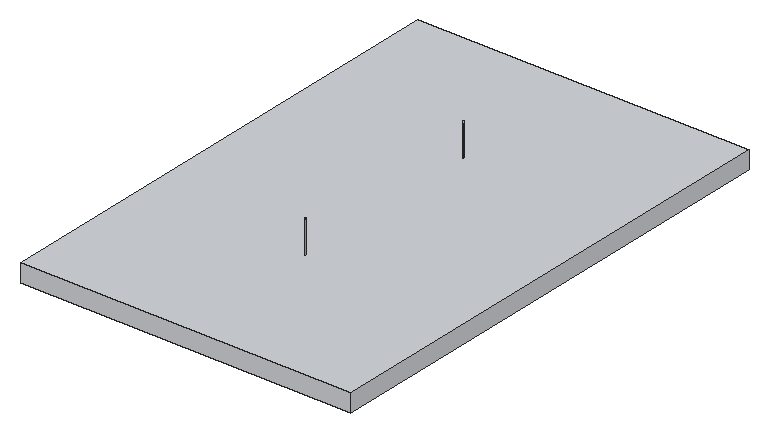
Revit family "V-LENSESxx152xxSWxx", category Leuchten, Revit 2020
Family settings
  Basisbauteil = Fläche
  Bemaßung runder Anschluss = Durchmesser verwenden
  Teiletyp = Normal
  OmniClass-Nummer = 23.80.70.11
  OmniClass-Titel = Luminaries for Internal Lighting
  Beim Laden mit Abzugskörper schneiden = Nein
  Lichtquelle = Ja
  Gemeinsam genutzt = Nein
  Raumberechnungspunkt = Nein
Parameters (values of type "V-LENSES-DI152-7DASW840B0750")
  width = 113 mm  # constant formula
  weight = "4"
  voltage type (AC, DC, UC) = "AC"
  suspension hight [instance] = 200 mm
  rated input power = 47
  product name = "V-LENSES-DI152-7DASW840B0750\r\nV-LENSES-D152-5RFSW840B0650"
  nominal voltage = "230"
  nominal frequency = "50-60Hz"
  length = 1528 mm  # constant formula
  ingress protection (IP) code = "IP20"
  height = 83 mm  # constant formula
  electrical safety class = "1"
  control gear = ""
  conformity mark = "CE"  # constant formula
  brand = "RIDI"
  approval mark = ""
  built-in parameter 1150104 = 13.8 (stored number, unit not read)
  Wattage = 51.9045 W
  Von Breite des Rechtecks ausssenden = 1524 mm  # constant formula
  Von Länge des Rechtecks aussenden = 111 mm  # constant formula
  Default Elevation = 0 mm
  built-in parameter 1150113 = 1 (stored number, unit not read)
  built-in parameter 1114218 = 1 (stored number, unit not read)
  URL = "www.ridi.de"
  built-in parameter 1150134 = 12
  built-in parameter 1150109 = 1 (stored number, unit not read)
  built-in parameter 1150110 = 1 (stored number, unit not read)
  Apparent Load = 47 VA
  Tilt Angle = 90.00°
  Modell = "1532558SW"
  built-in parameter 1114217 = 1 (stored number, unit not read)
  built-in parameter 1150139 = (empty or 0)
  built-in parameter 1150105 = 3026.7 (stored number, unit not read)
  built-in parameter 1150114 = 1 (stored number, unit not read)
  Lumens = 7710 lm
  built-in parameter 1150115 = 1 (stored number, unit not read)
  built-in parameter 1150112 = 1 (stored number, unit not read)
  Lampe = "LED"
  Hersteller = "RIDI Leuchten GmbH"  # constant formula
  Dimming Lamp Color Temperature Shift = (empty or 0)
  Color Filter = 16777215
  built-in parameter 1150133 = 10 (stored number, unit not read)
  Emit Shape Visible in Rendering = no
  built-in parameter 1150137 = (empty or 0)
  built-in parameter 1150132 = 2
  Datei für fotometrisches Netz = "V-LENSES-DI.IES"
  Copyright = "© RIDI. All rights reserved."  # constant formula
  built-in parameter 1150106 = 30.267 (stored number, unit not read)
  Baugruppenkennzeichen = "D5020200"
  built-in parameter 1150107 = 4000 (stored number, unit not read)
  built-in parameter 1150102 = (empty or 0)
  built-in parameter 1150138 = (empty or 0)
Types (9, lengths in mm): name | weight | rated input power | product name | Wattage | built-in parameter 1150134 | Apparent Load | Modell | built-in parameter 1150105 | Lumens | Datei für fotometrisches Netz | built-in parameter 1150106 | built-in parameter 1150107
  (no name) | "4" | 47 | "V-LENSES-DI152-7DASW840B0750\r\nV-LENSES-D152-5RFSW840B0650" | 51.9045 W | 12 | 47 VA | "1532558SW" | 3026.7 (stored number, unit not read) | 7710 lm | "V-LENSES-DI.IES" | 30.267 (stored number, unit not read) | 4000 (stored number, unit not read)
  V-LENSES-D152-5RFSW830B0600 | "3,7" | 38 | "V-LENSES-D152-5RFSW830B0600\r\nV-LENSES-D150-5RFWS840B0550" | 41.739 W | (empty or 0) | 38 VA | "1522569SW" | 493.38 (stored number, unit not read) | 6200 lm | "V-LENSES-D.IES" | 4.9338 (stored number, unit not read) | 3000 (stored number, unit not read)
  V-LENSES-D152-5RFSW840B0650 | "3,7" | 38 | "V-LENSES-D152-5RFSW840B0650\r\nV-LENSES-D152-5RFSW840B0650" | 43.0855 W | 12 | 38 VA | "1522561SW" | 509.3 (stored number, unit not read) | 6400 lm | "V-LENSES-D.IES" | 5.093 (stored number, unit not read) | 4000 (stored number, unit not read)
  V-LENSES-D152-7DASW830B0500 | "3,7" | 33 | "V-LENSES-D152-7DASW830B0500\r\nV-LENSES-D152-5RFSW840B0650" | 35.5455 W | (empty or 0) | 33 VA | "1532565SW" | 420.17 (stored number, unit not read) | 5280 lm | "V-LENSES-D.IES" | 4.2017 (stored number, unit not read) | 3000 (stored number, unit not read)
  V-LENSES-D152-7DASW840B0500 | "3,7" | 33 | "V-LENSES-D152-7DASW840B0500\r\nV-LENSES-D152-5RFSW840B0650" | 37.0266 W | (empty or 0) | 33 VA | "1532557SW" | 437.68 (stored number, unit not read) | 5500 lm | "V-LENSES-D.IES" | 4.3768 (stored number, unit not read) | 3000 (stored number, unit not read)
  V-LENSES-DI152-5RFSW830B0850 | "4" | 56 | "V-LENSES-DI152-5RFSW830B0850\r\nV-LENSES-D152-5RFSW840B0650" | 55.8765 W | (empty or 0) | 56 VA | "1522570SW" | 660.49 (stored number, unit not read) | 8300 lm | "V-LENSES-DI.IES" | 6.6049 (stored number, unit not read) | 3000 (stored number, unit not read)
  V-LENSES-DI152-5RFSW840B0850 | "4" | 56 | "V-LENSES-DI152-5RFSW840B0850\r\nV-LENSES-D152-5RFSW840B0650" | 58.5693 W | 12 | 56 VA | "1522562SW" | 3415.3 (stored number, unit not read) | 8700 lm | "V-LENSES-DI.IES" | 34.153 (stored number, unit not read) | 4000 (stored number, unit not read)
  V-LENSES-DI152-7DASW830B0750 | "4" | 47 | "V-LENSES-DI152-7DASW830B0750\r\nV-LENSES-D152-5RFSW840B0650" | 49.8176 W | (empty or 0) | 47 VA | "1532566SW" | 2905 (stored number, unit not read) | 7400 lm | "V-LENSES-DI.IES" | 29.05 (stored number, unit not read) | 3000 (stored number, unit not read)
  V-LENSES-DI152-7DASW840B0750 | "4" | 47 | "V-LENSES-DI152-7DASW840B0750\r\nV-LENSES-D152-5RFSW840B0650" | 51.9045 W | 12 | 47 VA | "1532558SW" | 3026.7 (stored number, unit not read) | 7710 lm | "V-LENSES-DI.IES" | 30.267 (stored number, unit not read) | 4000 (stored number, unit not read)
Reference planes
  plane 1 "Mitte (Vorne/hinten)": y = 0
  plane 2: z = 0
  plane 3 "Mitte (Links/rechts)": x = 0
  plane 4: z = 200
Forms (mm)
  Extrusion 1, solid
    sketch origin (219.2, 280.8, 0) x (1, 0, 0) y (0, 1, 0)
      loop
        line (-1219.2, 1219.2) -> (-1219.2, -1780.8) -> (780.8, -1780.8) -> (780.8, 1219.2) -> (-1219.2, 1219.2)
    from 0 to -107.307
  Extrusion 2, solid
    sketch origin (0, 0, 0) x (1, 0, 0) y (0, 1, 0)
      loop
        circle (0, 600) r 2
      loop
        circle (0, -600) r 2
    from 0 to 200.368
Dimensions and locks
  "suspension hight": plane 4 to Extrusion 1
  locked: plane 1 "Mitte (Vorne/hinten)" to Extrusion 2 sketch curve at 600
  locked: Extrusion 2 sketch curve to plane 1 "Mitte (Vorne/hinten)" at 600
  locked: imposter light to plane 4 at 82.5
  aligned and locked: plane 2 to Extrusion 1
  aligned and locked: imposter light to plane 3 "Mitte (Links/rechts)"
  aligned and locked: import instance to Extrusion 2
  aligned and locked: import instance to plane 4
Automatic sketch dimensions
  Extrusion 1 sketch curve to Extrusion 1 sketch curve = 2000 mm
  Extrusion 1 sketch curve to Extrusion 1 sketch curve = 3000 mm
  Extrusion 2 sketch curve to plane 3 "Mitte (Links/rechts)" = 0 mm  (x2)
  radius of Extrusion 2 sketch curve = 2 mm  (x2)
Connectors
  electrical at (0, -600, 200.368), driven by "Apparent Load"
    settings: on Extrusion 2, index 1, voltage 230 V, apparent load 0 VA, apparent load phase1 47 VA, apparent load phase2 0 VA, apparent load phase3 0 VA, power factor 1, load classification "Lighting", number of poles 1, system type 31, power factor state 1, is connector primary yes, connector utility no, sub classification motor no, connector description ""
